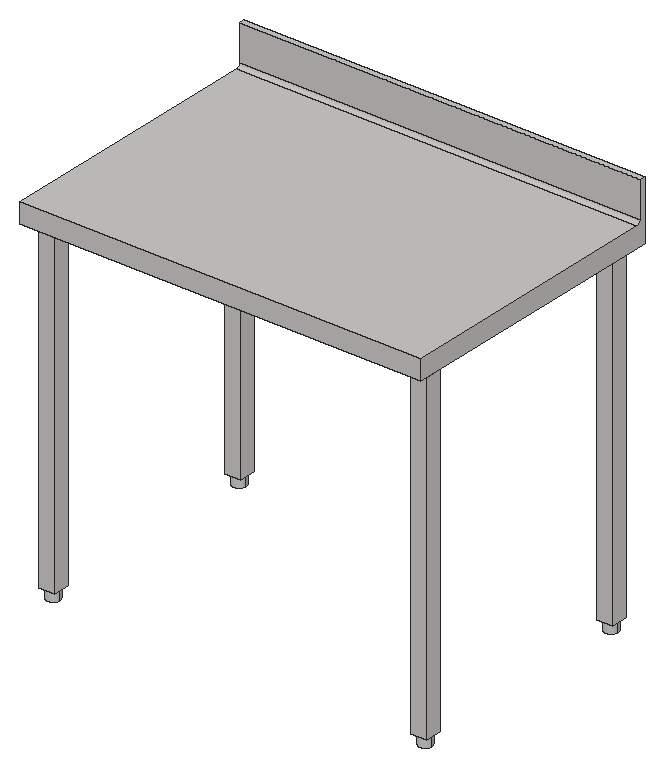
Revit family "QF_ELECTROLUXPROFESSIONAL_132730_TG1010PN", category Attrezzature speciali, Revit 2020
Family settings
  Quota connettore circolare = Usa diametro
  Tipo di parte = Normale
  Basato su piano di lavoro = No
  Sempre verticale = Sì
  Taglio con vuoti quando caricato = No
  Condiviso = No
  Punto di calcolo locali = No
Parameters (values of type "Standard")
  Weight = 45.00 kg
  Watts = 0 W
  Volts = 0 V
  URL Manufacturer = "https://www.electroluxprofessional.com/"
  URL = "https://www.electroluxprofessional.com/"
  Steam Supply Size = 0 mm
  Steam Supply Minimum Pressure = 0.0 Pa
  Steam Supply Maximum Pressure = 0.0 Pa
  Steam Consumption per Hour = 0
  Refrigeration Suction Line Size = 0.0 mm
  Refrigeration Liquid Line Size = 0.0 mm
  Refrigerant Compressor Remote = yes
  Prospetto di default = 0.0 mm
  Produttore = "Electrolux Professional"
  Phase = 0
  Modello = "TG1010PN"
  Length Actual = 1000.0 mm  # constant formula
  Item Number = "132730"
  Hot Water Size = 0 mm
  Height Actual = 1000.0 mm  # constant formula
  HP = "0 HP"
  Gas Size = 0 mm
  Gas KW = 0
  Gas Input Pressure = 0 W
  Direct Waste Size = 0 mm
  Descrizione = "WORK TABLE WITH UPSTAND 1000 MM"
  Depth Actual = 700.0 mm  # constant formula
  Cycle = 0 Hz
  Condensate Return Size = 0 mm
  Compressed Air Volume = 0.0 L/s
  Compressed Air Size = 0 mm
  Compressed Air Pressure = 0.0 Pa
  Cold Water Size = 0 mm
  Accessory = yes
Reference planes
  plane 1 "Center (Front/Back)": y = 0
  plane 2: z = 0
  plane 3 "Center (Left/Right)": x = 0
  plane 4 "LEFT": x = -500
  plane 5 "RIGHT": x = 500
  plane 6 "BACK": y = 350
  plane 7 "FRONT": y = -350
  plane 8 "Base": z = 850
  plane 9 "TOP": z = 900
  plane 10: x = -464.5
  plane 11: x = 464.5
  plane 12: y = 290
  plane 13: y = -290
Forms (mm)
  Extrusion 1, solid, material "QF_Finishes_Stainless Steel"
    sketch origin (0, 0, 0) x (0, 1, 0) y (0, 0, 1)
      loop
        line (-350, 850) -> (350, 850) -> (350, 1000) -> (337, 1000) -> (337, 910)
        arc (337, 910) -> (334.071, 902.929) -> (327, 900) r 10
        line (327, 900) -> (-350, 900) -> (-350, 850)
    from 500 to -500
Lines and regions (mm)
  symbolic lines
    curve 1: line (500, 350, 900) -> (-500, 350, 900)
    curve 2: line (-500, 350, 900) -> (-500, -350, 900)
    curve 3: line (-500, -350, 900) -> (500, -350, 900)
    curve 4: line (500, -350, 900) -> (500, 350, 900)
    curve 5: line (500, 337, 900) -> (-500, 337, 900)
Dimensions and locks
  plane 4 "LEFT" to plane 5 "RIGHT" = 1000.0 mm
  equal spacing: plane 4 "LEFT", plane 3 "Center (Left/Right)", plane 5 "RIGHT"
  locked: plane 8 "Base" to level at 850
  plane 4 "LEFT" to plane 10 = 35.5 mm
  plane 11 to plane 5 "RIGHT" = 35.5 mm
  plane 10 to plane 11 = 929.0 mm
  locked: Extrusion 1 to level at 1000
  plane 9 "TOP" to level = 900.0 mm
  plane 6 "BACK" to plane 12 = 60.0 mm
  plane 13 to plane 7 "FRONT" = 60.0 mm
  plane 6 "BACK" to plane 7 "FRONT" = 700.0 mm
  plane 12 to plane 13 = 580.0 mm
  equal spacing: plane 6 "BACK", plane 1 "Center (Front/Back)", plane 7 "FRONT"
  aligned and locked: level to plane 2
  aligned and locked: plane 10 to nested 1
  aligned and locked: nested 1 to plane 13
  aligned and locked: plane 11 to nested 2
  aligned and locked: nested 2 to plane 13
  aligned and locked: plane 11 to nested 4
  aligned and locked: nested 4 to plane 12
  aligned and locked: plane 10 to nested 3
  aligned and locked: nested 3 to plane 12
  aligned and locked: Extrusion 1 to plane 4 "LEFT"
  aligned and locked: plane 5 "RIGHT" to Extrusion 1
  aligned and locked: curve 2 to plane 4 "LEFT"
Automatic sketch dimensions
  Extrusion 1 sketch curve to plane 7 "FRONT" = 0.0 mm
  Extrusion 1 sketch curve to plane 9 "TOP" = 0.0 mm
  Extrusion 1 sketch curve to plane 6 "BACK" = 0.0 mm
  Extrusion 1 sketch curve to plane 8 "Base" = 0.0 mm
  plane 9 "TOP" to Extrusion 1 sketch curve = 10.0 mm
  Extrusion 1 sketch curve to plane 6 "BACK" = 13.0 mm
  Extrusion 1 sketch curve to Extrusion 1 sketch curve = 90.0 mm
  curve 3 to plane 7 "FRONT" = 0.0 mm
  curve 5 to plane 5 "RIGHT" = 0.0 mm
  curve 4 to plane 6 "BACK" = 0.0 mm
  curve 5 to plane 6 "BACK" = 13.0 mm
Nested families
  nested 1: "FEET_40x40" at (-464.5, -290, 0), type "FEET_40x40"
  nested 2: "FEET_40x40" at (464.5, -290, 0), type "FEET_40x40"
  nested 3: "FEET_40x40" at (-464.5, 290, 0), type "FEET_40x40"
  nested 4: "FEET_40x40" at (464.5, 290, 0), type "FEET_40x40"
Definition of nested family "FEET_40x40"
  Parameters
    Default Elevation = 0.0 mm
    FEET = 850.0 mm
  Reference planes
    plane 1 "Center (Front/Back)": y = 0
    plane 2: z = 0
    plane 3 "Center (Left/Right)": x = 0
    plane 4: z = 850
  Forms (mm)
    Extrusion 1, solid
      sketch origin (0, 0, 0) x (1, 0, 0) y (0, 1, 0)
        loop
          line (-20, -20) -> (20, -20) -> (20, 20) -> (-20, 20) -> (-20, -20)
      from 25 to 845
    Extrusion 2, solid
      sketch origin (0, 0, 0) x (1, 0, 0) y (0, 1, 0)
        loop
          circle (0, 0) r 16
      from 0 to 25
    Extrusion 3, solid
      sketch origin (0, 0, 0) x (1, 0, 0) y (0, 1, 0)
        loop
          line (30, 30) -> (-30, 30) -> (-30, -30) -> (30, -30) -> (30, 30)
      from 845 to 850
  Lines and regions (mm)
    symbolic lines
      curve 1: line (0, -1.503, 0) -> (0, 1.508, 0)
      curve 2: line (1.561, 0, 0) -> (-1.439, 0, 0)
  Dimensions and locks
    "FEET": plane 4 to plane 2
    aligned and locked: level to plane 2
  Automatic sketch dimensions
    Extrusion 1 sketch curve to plane 3 "Center (Left/Right)" = 20.0 mm
    plane 3 "Center (Left/Right)" to Extrusion 1 sketch curve = 20.0 mm
    plane 1 "Center (Front/Back)" to Extrusion 1 sketch curve = 20.0 mm
    Extrusion 1 sketch curve to plane 1 "Center (Front/Back)" = 20.0 mm
    plane 1 "Center (Front/Back)" to Extrusion 2 sketch curve = 0.0 mm
    Extrusion 2 sketch curve to plane 3 "Center (Left/Right)" = 0.0 mm
    plane 3 "Center (Left/Right)" to Extrusion 3 sketch curve = 30.0 mm
    Extrusion 3 sketch curve to plane 1 "Center (Front/Back)" = 30.0 mm
    Extrusion 3 sketch curve to plane 3 "Center (Left/Right)" = 30.0 mm
    plane 1 "Center (Front/Back)" to Extrusion 3 sketch curve = 30.0 mm
    plane 1 "Center (Front/Back)" to curve 2 = 0.0 mm
    curve 1 to plane 3 "Center (Left/Right)" = 0.0 mm
    curve 2 to plane 3 "Center (Left/Right)" = 1.439 mm
    plane 3 "Center (Left/Right)" to curve 2 = 1.561 mm
    plane 1 "Center (Front/Back)" to curve 1 = 1.503 mm
    curve 1 to plane 1 "Center (Front/Back)" = 1.508 mm
    radius of Extrusion 2 sketch curve = 16.0 mm
